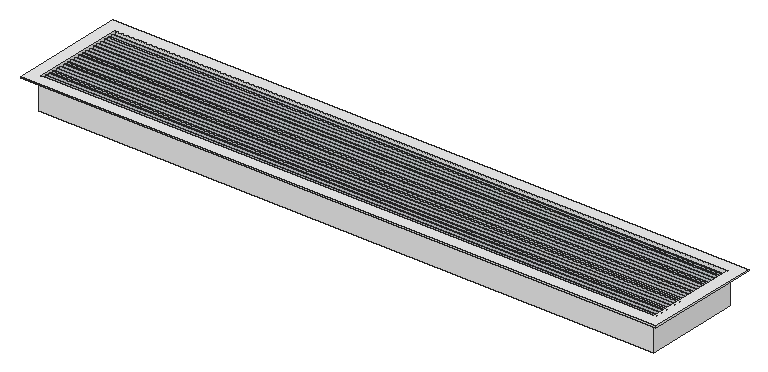
Revit family "DC_Holyoake_MEQ_LD-1200SD_13", category Air Terminals, host Face, Revit 2013
Parameters (values of type "LD-1200SD")
  Width LD [instance] = 150.0 mm
  URL = "http://www.holyoake.com"
  Type Comments = "Fineline Diffuser Series LD linear bar grilles"  # constant formula
  Static Pressure Min = 3.00 Pa
  Static Pressure Max = 57.00 Pa
  Noise Level NC Min = "<10 NC"
  Noise Level NC Max = "38 NC"
  Model = "LD-1200SD"  # constant formula
  Min Flow = 30 L/s  # constant formula
  Max Flow = 3000 L/s  # constant formula
  Material Face = Holyoake-Aluminium
  Material Body = Holyoake-Aluminium
  Manufacturer = "Holyoake"  # constant formula
  Length LD [instance] = 1000.0 mm
  Holyoake Product Range = "Holyoake Fineline Diffusers"  # constant formula
  Flow = 0 L/s
  Description = "Linear Bar Grille Registers with Vertical Rear Deflector Blades shall be Holyoake Model LD-1200-SD with Horizontal Front Linear Bars of 3.25mm Blades at 6.35mm centres set at 0 degree deflection together with one set of Black Anodised Vertical Airfoil Individually Adjustable Deflection Blades at rear.  Linear Bar Grille Registers shall be of extruded aluminium construction to the sizes as documented. Fine line linear blades shall be mechanically expanded into machine notched mullions spaced at no greater then 300mm centres. Diffusers shall be finished in powder coat and fitted with accessories and dampers where indicated as manufactured by Holyoake"  # constant formula
  Default Elevation = 0.0 mm
  Array Number [instance] = ((Width LD - 25.4 mm) / 6.4 mm) - 0.9  # 19
Reference planes
  plane 1 "Center (Front/Back)": y = 0
  plane 2: z = 0
  plane 3 "Center (Left/Right)": x = 0
  plane 4: x = -500
  plane 5: x = 500
  plane 6: y = 75
  plane 7: y = -75
Forms (mm)
  Sweep 1, solid, material "Holyoake-Aluminium" <- "Material Body"
    path origin (0, 0, 0) x (1, 0, 0) y (0, 1, 0)
      loop
        line (-500, 75) -> (-500, -75) -> (500, -75) -> (500, 75) -> (-500, 75)
    profile origin (0, 75, 0) x (0, 1, 0) y (0, 0, 1)
      loop
        line (2, 0) -> (19, 0) -> (19, 2) -> (0, 2) -> (0, -50) -> (2, -50) -> (2, 0)
  Extrusion 2, void
    sketch origin (0, 0, 0) x (1, 0, 0) y (0, 1, 0)
      loop
        line (-500, 75) -> (-500, -75) -> (500, -75) -> (500, 75) -> (-500, 75)
    from 0 to -1000
Cuts and joins
  Extrusion 2 cuts Sweep 1
Lines and regions (mm)
  reference lines
    curve 1: line (-590.798, 68.65, 0) -> (-485.798, 68.65, 0)
    curve 2: line (-590.798, -68.65, 0) -> (-490.798, -68.65, 0)
Dimensions and locks
  equal spacing: plane 6, plane 1 "Center (Front/Back)", plane 7
  "Width LD": plane 6 to plane 7
  "Length LD": plane 4 to plane 5
  equal spacing: plane 4, plane 3 "Center (Left/Right)", plane 5
  locked: plane 6 to curve 1 at 6.35
  locked: curve 2 to plane 7 at 6.35
  equal spacing: group 1, group 3, group 4, group 5, group 6, group 7, group 8, group 9, group 10, group 11, group 12, group 13, group 14, group 15, group 16, group 17, group 18, group 19, group 2  (x2)
  equal spacing: group 2, group 19, group 18, group 17, group 16, group 15, group 14, group 13, group 12, group 11, group 10, group 9, group 8, group 7, group 6, group 5, group 4, group 3, group 1
  aligned and locked: plane 2 to host face
  aligned and locked: level to host face
  aligned and locked: plane 4 to Sweep 1 sketch curve
  aligned and locked: Sweep 1 sketch curve to plane 6
  aligned and locked: plane 7 to Sweep 1 sketch curve
  aligned and locked: Sweep 1 sketch curve to plane 5
  aligned and locked: plane 4 to nested 1
  aligned and locked: plane 4 to Sweep 1
  aligned and locked: nested 1 to curve 1
  aligned and locked: Sweep 1 to level
  aligned and locked: curve 2 to nested 2
  aligned and locked: plane 4 to nested 2
  aligned and locked: Extrusion 2 sketch curve to Sweep 1  (x3)
  aligned and locked: Sweep 1 to Extrusion 2 sketch curve
Automatic sketch dimensions
  Sweep 1 sketch curve to level = 0.0 mm
  Sweep 1 sketch curve to profile plane = 0.0 mm
  Sweep 1 sketch curve to Sweep 1 sketch curve = 2.0 mm
  Sweep 1 sketch curve to Sweep 1 sketch curve = 17.0 mm
  Sweep 1 sketch curve to Sweep 1 sketch curve = 50.0 mm
  level to Sweep 1 sketch curve = 2.0 mm
  host sketch curve to host sketch curve = 1493.181 mm
  host sketch curve to host sketch curve = 751.989 mm
  curve 2 to plane 4 = 90.798 mm
  curve 1 to curve 2 = 0.0 mm
  plane 4 to curve 2 = 9.202 mm
  plane 4 to curve 1 = 14.202 mm
Nested families
  nested 1: "LD Blade" at (-500, 67.15, 0), Blade Length <- "Length LD", type "LD Blade"
    with Blade Length 1000.0 mm
  nested 2: "LD Blade" at (-500, -68.65, 0), Blade Length <- "Length LD", type "LD Blade"
    with Blade Length 1000.0 mm
  nested 3: "LD Blade" at (-500, 59.606, 0), Blade Length <- "Length LD", type "LD Blade"
    with Blade Length 1000.0 mm
  nested 4: "LD Blade" at (-500, 52.061, 0), Blade Length <- "Length LD", type "LD Blade"
    with Blade Length 1000.0 mm
  nested 5: "LD Blade" at (-500, 44.517, 0), Blade Length <- "Length LD", type "LD Blade"
    with Blade Length 1000.0 mm
  nested 6: "LD Blade" at (-500, 36.972, 0), Blade Length <- "Length LD", type "LD Blade"
    with Blade Length 1000.0 mm
  nested 7: "LD Blade" at (-500, 29.428, 0), Blade Length <- "Length LD", type "LD Blade"
    with Blade Length 1000.0 mm
  nested 8: "LD Blade" at (-500, 21.883, 0), Blade Length <- "Length LD", type "LD Blade"
    with Blade Length 1000.0 mm
  nested 9: "LD Blade" at (-500, 14.339, 0), Blade Length <- "Length LD", type "LD Blade"
    with Blade Length 1000.0 mm
  nested 10: "LD Blade" at (-500, 6.794, 0), Blade Length <- "Length LD", type "LD Blade"
    with Blade Length 1000.0 mm
  nested 11: "LD Blade" at (-500, -0.75, 0), Blade Length <- "Length LD", type "LD Blade"
    with Blade Length 1000.0 mm
  nested 12: "LD Blade" at (-500, -8.294, 0), Blade Length <- "Length LD", type "LD Blade"
    with Blade Length 1000.0 mm
  nested 13: "LD Blade" at (-500, -15.839, 0), Blade Length <- "Length LD", type "LD Blade"
    with Blade Length 1000.0 mm
  nested 14: "LD Blade" at (-500, -23.383, 0), Blade Length <- "Length LD", type "LD Blade"
    with Blade Length 1000.0 mm
  nested 15: "LD Blade" at (-500, -30.928, 0), Blade Length <- "Length LD", type "LD Blade"
    with Blade Length 1000.0 mm
  nested 16: "LD Blade" at (-500, -38.472, 0), Blade Length <- "Length LD", type "LD Blade"
    with Blade Length 1000.0 mm
  nested 17: "LD Blade" at (-500, -46.017, 0), Blade Length <- "Length LD", type "LD Blade"
    with Blade Length 1000.0 mm
  nested 18: "LD Blade" at (-500, -53.561, 0), Blade Length <- "Length LD", type "LD Blade"
    with Blade Length 1000.0 mm
  nested 19: "LD Blade" at (-500, -61.106, 0), Blade Length <- "Length LD", type "LD Blade"
    with Blade Length 1000.0 mm
Definition of nested family "LD Blade"
  Parameters (values of type "LD Blade")
    Blade Material = none
    Blade Length [instance] = 600.0 mm
    Assembly Code = ""
  Reference planes
    plane 1 "Center (Front/Back)": y = 0
    plane 2: z = 0
    plane 3 "Center (Left/Right)": x = 0
    plane 4: x = 600
  Forms (mm)
    Extrusion 1, solid
      sketch origin (0, -1.042, 0) x (1, 0, 0) y (0, 1, 0)
        loop
          line (0, 1.042) -> (600, 1.042) -> (600, 2.542) -> (0, 2.542) -> (0, 1.042)
      from 0 to -20
  Dimensions and locks
    Extrusion 1 sketch curve to Extrusion 1 sketch curve = 1.5 mm
    "Blade Length": plane 3 "Center (Left/Right)" to plane 4
    locked: plane 1 "Center (Front/Back)" to Extrusion 1 at 1.5
    aligned and locked: plane 1 "Center (Front/Back)" to Extrusion 1
    aligned and locked: Extrusion 1 to plane 3 "Center (Left/Right)"
    aligned and locked: plane 4 to Extrusion 1
  Automatic sketch dimensions
    Extrusion 1 sketch curve to plane 1 "Center (Front/Back)" = 1.5 mm
    Extrusion 1 sketch curve to plane 3 "Center (Left/Right)" = 0.0 mm
    plane 4 to Extrusion 1 sketch curve = 0.0 mm
